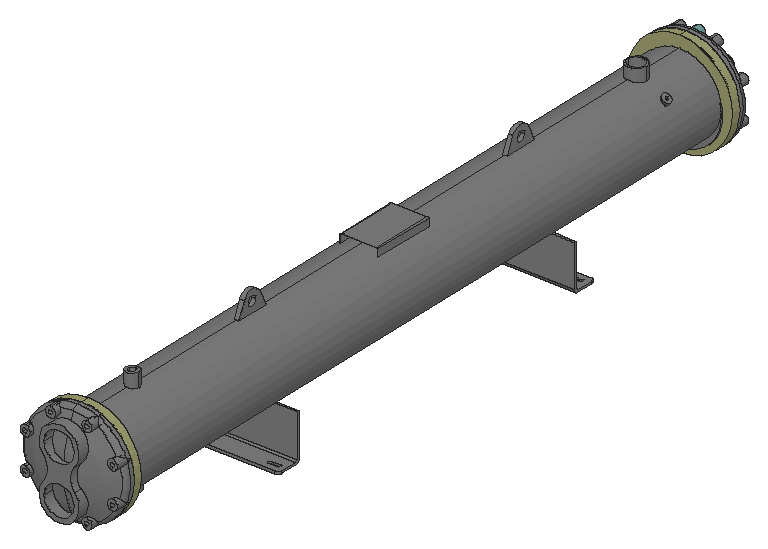
Revit family "MIT-BCM_200_4P", category Specialty Equipment, Revit 2022
Family settings
  Round Connector Dimension = Use Radius
  Part Type = Normal
  Work Plane-Based = No
  Always vertical = Yes
  Cut with Voids When Loaded = No
  Maintain Annotation Orientation = No
  Shared = No
  Room Calculation Point = No
Parameters
  URL = "https://en.ekinendustriyel.com/evaporators-and-condensers"
  Test Pressure = 64.35 bar
  Production Standard = "TS EN 13831"
  Operating Pressure = 45.0 bar
  Model = "MIT-BCM 200_4P"
  Manufacturer = "Ekin Endüstriyel"
  Keynote = "Condensers"
  Description = "MIT- Condensers"
  Default Elevation = 0 mm
Reference planes
  plane 1 "Center (Front/Back)": y = 0
  plane 2: z = 0
  plane 3 "Center (Left/Right)": x = 0
Forms (mm)
  Extrusion 1, solid, material "Ekin Endustriyel-S235JR"
    sketch origin (0, 0, 0) x (1, 0, 0) y (0, 0, 1)
      loop
        circle (0, 177) r 96.85
    from -880 to 880
  Extrusion 2, solid, material "Ekin Endustriyel-S235JR", detail levels fine
    sketch origin (0, 0, 27.398) x (1, 0, 0) y (0, 0, 1)
      loop
        line (-45, 235.88) -> (-44, 235.88) -> (-44, 252.88)
        arc (-44, 252.88) -> (-43.414, 254.294) -> (-42, 254.88) r 2
        line (-42, 254.88) -> (42, 254.88)
        arc (42, 254.88) -> (43.414, 254.294) -> (44, 252.88) r 2
        line (44, 252.88) -> (44, 235.88) -> (45, 235.88) -> (45, 252.88)
        arc (45, 252.88) -> (44.121, 255.002) -> (42, 255.88) r 3
        line (42, 255.88) -> (-42, 255.88)
        arc (-42, 255.88) -> (-44.121, 255.002) -> (-45, 252.88) r 3
        line (-45, 252.88) -> (-45, 235.88)
    from -75 to 75
  Extrusion 3, solid, material "Ekin Endustriyel-S235JR", detail levels fine
    sketch origin (0, 500.19, 0) x (1, 0, 0) y (0, 1, 0)
      loop
        circle (0, 249.81) r 23.75
      loop
        circle (0, 249.81) r 19.959
    from 300.429 to 204.31
  Extrusion 4, solid, material "Ekin Endustriyel-S235JR", detail levels fine
    sketch origin (0, -499.666, 25.55) x (1, 0, 0) y (0, 1, 0)
      loop
        circle (0.015, -250.334) r 15.25
      loop
        circle (0.015, -250.334) r 8.928
    from 278.3 to 211.07
  Extrusion 5, solid, material "Ekin Endustriyel-S235JR", detail levels fine
    sketch origin (71.72, 749.856, 235.87) x (0, 1, 0) y (-0.707107, 0, 0.707107)
      loop
        circle (0.144, 9.086) r 11
      loop
        circle (0.144, 9.086) r 4.56
    from 9.086 to -32.02
  Extrusion 6, solid, material "Ekin Endustriyel-S235JR", detail levels fine
    sketch origin (0, -500.291, 0) x (1, 0, 0) y (0, 1, 0)
      loop
        circle (0, -249.709) r 20.25
      loop
        circle (0, -249.709) r 14.491
    from 51.131 to 169.15
  Extrusion 7, solid, material "Ekin Endustriyel-S235JR", detail levels medium+fine
    sketch origin (0, 1180.334, 0) x (1, 0, 0) y (0, 0, 1)
      loop
        circle (0, 164.15) r 100
    from 280.334 to 300.334
  Extrusion 8, solid, material "Ekin Endustriyel-AISI316L", detail levels medium+fine
    sketch origin (0, 549.666, 0) x (1, 0, 0) y (0, 0, -1)
      loop
        circle (0, -177) r 125
    from 330.334 to 350.334
  Revolve 9, solid, material "Ekin Endustriyel-S235JR", detail levels medium+fine
    sketch origin (0, 549.666, 0) x (0, -1, 0) y (0, 0, -1)
      loop
        line (-350.334, -301.755) -> (-350.334, -177.003) -> (-403.289, -177.003)
        arc (-403.289, -177.003) -> (-395.664, -237.012) -> (-374.553, -293.699) r 263.464
        arc (-374.553, -293.699) -> (-369.114, -299.581) -> (-361.403, -301.755) r 14.761
        line (-361.403, -301.755) -> (-350.334, -301.755)
      axis (-350.334, -177.003) -> (-403.289, -177.003)
    angle from 0 to 360
  Extrusion 10, solid, material "Ekin Endustriyel-S235JR", detail levels coarse
    sketch origin (0, 0, 0) x (1, 0, 0) y (0, 0, 1)
      loop
        circle (0, 177) r 125
    from -957 to 966.924
  Extrusion 11, solid, material "Ekin Endustriyel-S235JR"
    sketch origin (0, 275.334, 0) x (0, 1, 0) y (0, 0, 1)
      loop
        arc (134.666, 9) -> (137.302, 2.636) -> (143.666, 0) r 9
        line (143.666, 0) -> (194.666, 0) -> (194.666, 5) -> (143.666, 5)
        arc (143.666, 5) -> (140.837, 6.172) -> (139.666, 9) r 4
        line (139.666, 9) -> (139.666, 110) -> (134.666, 110) -> (134.666, 9)
    from -125 to 125
  Extrusion 12, void
    sketch origin (0, 470, 5) x (0, -1, 0) y (1, 0, 0)
      loop
        line (25.25, 88.5) -> (25.25, 108.5)
        arc (25.25, 108.5) -> (20, 113.75) -> (14.75, 108.5) r 5.25
        line (14.75, 108.5) -> (14.75, 88.5)
        arc (14.75, 88.5) -> (20, 83.25) -> (25.25, 88.5) r 5.25
      loop
        line (10, 125) -> (-10, 125) -> (-10, -125) -> (10, -125)
        arc (10, -125) -> (2.929, -122.071) -> (0, -115) r 10
        line (0, -115) -> (0, 115)
        arc (0, 115) -> (2.929, 122.071) -> (10, 125) r 10
      loop
        arc (14.75, -108.5) -> (20, -113.75) -> (25.25, -108.5) r 5.25
        line (25.25, -108.5) -> (25.25, -88.5)
        arc (25.25, -88.5) -> (20, -83.25) -> (14.75, -88.5) r 5.25
        line (14.75, -88.5) -> (14.75, -108.5)
    from -5 to 0
  Extrusion 13, solid, material "Ekin Endustriyel-S235JR"
    sketch origin (0, -275.334, 0) x (0, -1, 0) y (0, 0, -1)
      loop
        line (134.666, -9) -> (134.666, -110) -> (139.666, -110) -> (139.666, -9)
        arc (139.666, -9) -> (140.837, -6.172) -> (143.666, -5) r 4
        line (143.666, -5) -> (194.666, -5) -> (194.666, 0) -> (143.666, 0)
        arc (143.666, 0) -> (137.302, -2.636) -> (134.666, -9) r 9
    from -125 to 125
  Extrusion 14, void
    sketch origin (0, -470, 5) x (0, 1, 0) y (-1, 0, 0)
      loop
        arc (25.25, -88.5) -> (20, -83.25) -> (14.75, -88.5) r 5.25
        line (14.75, -88.5) -> (14.75, -108.5)
        arc (14.75, -108.5) -> (20, -113.75) -> (25.25, -108.5) r 5.25
        line (25.25, -108.5) -> (25.25, -88.5)
      loop
        arc (10, -125) -> (2.929, -122.071) -> (0, -115) r 10
        line (0, -115) -> (0, 115)
        arc (0, 115) -> (2.929, 122.071) -> (10, 125) r 10
        line (10, 125) -> (-10, 125) -> (-10, -125) -> (10, -125)
      loop
        line (14.75, 108.5) -> (14.75, 88.5)
        arc (14.75, 88.5) -> (20, 83.25) -> (25.25, 88.5) r 5.25
        line (25.25, 88.5) -> (25.25, 108.5)
        arc (25.25, 108.5) -> (20, 113.75) -> (14.75, 108.5) r 5.25
    from -5 to 0
  Extrusion 15, solid, material "Ekin Endustriyel-S235JR", detail levels medium+fine
    sketch origin (40, -549.666, 0) x (1, 0, 0) y (0, 0, 1)
      loop
        circle (-40, 234.5) r 36.3
      loop
        circle (-40, 119.5) r 36.3
      loop
        arc (-3.858, 150.013) -> (-12.768, 177) -> (-3.858, 203.987) r 45.323
        arc (-3.858, 203.987) -> (-40, 281.8) -> (-76.142, 203.987) r 47.3
        arc (-76.142, 203.987) -> (-67.232, 177) -> (-76.142, 150.013) r 45.323
        arc (-76.142, 150.013) -> (-40, 72.2) -> (-3.858, 150.013) r 47.3
    from 390.526 to 417.259
  Extrusion 16, solid, material "Ekin Endustriyel-Zinc", detail levels medium+fine
    sketch origin (0, 550.334, 0) x (1, 0, 0) y (0, 0, 1)
      loop
        circle (0.148, 285.985) r 12.497
      loop
        circle (0.148, 285.985) r 5.497
    from -387.666 to -367.889
  Extrusion 17, solid, material "Ekin Endustriyel-S235JR", detail levels medium+fine
    sketch origin (0, -549.666, 0) x (1, 0, 0) y (0, 0, -1)
      loop
        circle (-43.117, -280.877) r 12
      loop
        circle (-43.117, -280.877) r 5.497
      loop
        circle (43.117, -280.877) r 12
      loop
        circle (43.117, -280.877) r 5.497
      loop
        circle (104.001, -219.992) r 12
      loop
        circle (104.001, -219.992) r 5.497
      loop
        circle (104.001, -134.055) r 12
      loop
        circle (104.001, -134.055) r 5.497
      loop
        circle (43.282, -73.179) r 12
      loop
        circle (43.282, -73.179) r 5.497
      loop
        circle (-104.001, -219.992) r 12
      loop
        circle (-104.001, -219.992) r 5.497
      loop
        circle (-104.001, -134.055) r 12
      loop
        circle (-104.001, -134.055) r 5.497
      loop
        circle (-43.282, -73.179) r 12
      loop
        circle (-43.282, -73.179) r 5.497
    from -388.334 to -355.334
  Extrusion 18, solid, material "Ekin Endustriyel-S235JR", detail levels fine
    sketch origin (0, -0.334, 0) x (0, -1, 0) y (0, 0, -1)
      loop
        line (-440.334, -273.721) -> (-422.806, -309.676)
        arc (-422.806, -309.676) -> (-400.334, -323.721) -> (-377.863, -309.676) r 25
        line (-377.863, -309.676) -> (-360.334, -273.721) -> (-440.334, -273.721)
      loop
        circle (-400.334, -298.721) r 12.5
      loop
        line (439.666, -273.721) -> (359.666, -273.721) -> (377.194, -309.676)
        arc (377.194, -309.676) -> (399.666, -323.721) -> (422.137, -309.676) r 25
        line (422.137, -309.676) -> (439.666, -273.721)
      loop
        circle (399.666, -298.721) r 12.5
    from -5 to 5
  Extrusion 19, solid, material "Ekin Endustriyel-S235JR", detail levels medium+fine
    sketch origin (-164.15, 550.334, 164.15) x (0, 0, -1) y (1, 0, 0)
      loop
        circle (-60.178, 211.509) r 20
      loop
        circle (34.988, 116.302) r 17
    from -406.666 to -351.666
  Extrusion 20, solid, material "Ekin Endustriyel-AISI316L", detail levels medium+fine
    sketch origin (0, -549.666, 0) x (1, 0, 0) y (0, 0, 1)
      loop
        circle (0, 177) r 125
    from 330.334 to 350.334
  Revolve 21, solid, material "Ekin Endustriyel-S235JR", detail levels medium+fine
    sketch origin (0, -549.666, 0) x (0, 1, 0) y (0, 0, 1)
      loop
        line (-350.334, 301.755) -> (-361.403, 301.755)
        arc (-361.403, 301.755) -> (-369.114, 299.581) -> (-374.553, 293.699) r 14.761
        arc (-374.553, 293.699) -> (-395.664, 237.012) -> (-403.289, 177.003) r 263.464
        line (-403.289, 177.003) -> (-350.334, 177.003) -> (-350.334, 301.755)
      axis (-350.334, 177.003) -> (-403.289, 177.003)
    angle from 0 to 360
  Extrusion 22, solid, material "Ekin Endustriyel-S235JR", detail levels medium+fine
    sketch origin (0, 550.334, 0) x (1, 0, 0) y (0, 0, 1)
      loop
        circle (-43.117, 280.877) r 12
      loop
        circle (-43.117, 280.877) r 5.497
      loop
        circle (43.117, 280.877) r 12
      loop
        circle (43.117, 280.877) r 5.497
      loop
        circle (104.001, 219.992) r 12
      loop
        circle (104.001, 219.992) r 5.497
      loop
        circle (104.001, 134.055) r 12
      loop
        circle (104.001, 134.055) r 5.497
      loop
        circle (43.282, 73.179) r 12
      loop
        circle (43.282, 73.179) r 5.497
      loop
        circle (-104.001, 219.992) r 12
      loop
        circle (-104.001, 219.992) r 5.497
      loop
        circle (-104.001, 134.055) r 12
      loop
        circle (-104.001, 134.055) r 5.497
      loop
        circle (-43.282, 73.179) r 12
      loop
        circle (-43.282, 73.179) r 5.497
      loop
        circle (0.148, 67.765) r 12.497
      loop
        circle (0.148, 67.765) r 5.497
    from -387.666 to -367.889
Cuts and joins
  Extrusion 12, Extrusion 14 cuts Extrusion 11
  Extrusion 14 cuts Extrusion 13
  joined: Extrusion 1, Extrusion 11, Extrusion 13
Dimensions and locks
  aligned and locked: level to plane 2
Connectors
  piping at (0, -966.924, 234.5), diameter 63.6
    settings: on Extrusion 15, index 1, connector inside diameter 609.6 mm, connector length 0 mm, flow factor 0, pipe flow 0.0 L/s, pressure drop 0.0 Pa, fitting loss kfactor 0, connector angle 0.00°, fixture units 0, engagement length 0 mm, angle of deflection 0.00°, flow configuration 0, flow direction 1, fitting loss method 0, system type 7, joint type 0, gender type 0, connector reference index -1, connector utility 0, adjustable connector no, is connector primary yes, connector description ""
  piping at (0, -966.924, 119.5), diameter 63.6
    settings: on Extrusion 15, index 2, connector inside diameter 609.6 mm, connector length 0 mm, flow factor 0, pipe flow 0.0 L/s, pressure drop 0.0 Pa, fitting loss kfactor 0, connector angle 0.00°, fixture units 0, engagement length 0 mm, angle of deflection 0.00°, flow configuration 0, flow direction 2, fitting loss method 0, system type 7, joint type 0, gender type 0, connector reference index -1, connector utility 0, adjustable connector no, is connector primary no, connector description ""
  hvac at (0, 750, 300.429)
    settings: on Extrusion 3, index 3, duct flow 0.0 L/s, flow factor 0, pres drop 0.0 bar, loss coef 0, conn angle 0.00°, conn width 304.8 mm, conn height 304.8 mm, conn diameter 42 mm, duct sys type 3, conn prof type 0, flow config 0, flow direction 0, loss method 0, conn ref index -1, conn util no, is conn primary yes, conn desc ""
  hvac at (0, -750, 51.131)
    settings: on Extrusion 6, index 4, duct flow 0.0 L/s, flow factor 0, pres drop 0.0 bar, loss coef 0, conn angle 0.00°, conn width 304.8 mm, conn height 304.8 mm, conn diameter 35 mm, duct sys type 3, conn prof type 0, flow config 0, flow direction 0, loss method 0, conn ref index -1, conn util no, is conn primary no, conn desc ""
